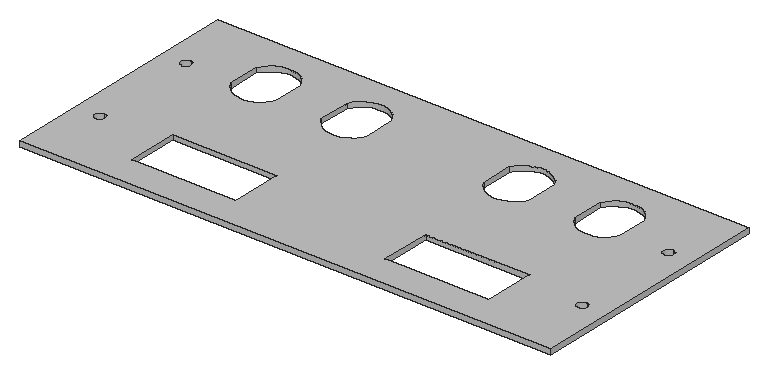
Revit family "Specialty_Equipment-Metal_Raceway-Hubbell_Wiring-4_Gang_Two_Duplex_Two_Ortronics_Series_II-HBL47472BBSS", category Specialty Equipment, host Face, Revit 2015
Parameters (values of type "HBL47472BBSSGY - Gray")
  URL = "http://www.hubbell-wiring.com/"
  Product data url = "https://bimobject.com/hubbellwiring/product/hubbell-metal-raceway-hbl4750"
  Product Page URL = "http://ecatalog.hubbell-wiring.com/ProductInformation/ViewCatalog.aspx?Dest=hubbell-wiring.com/press/catalog/o.pdf&Page=21"
  Product Documentation Link = "http://www.hubbell-wiring.com/press/pdfs/h5233r08.pdf"
  Model = "HBL47472BBSSGY"
  Manufacturer = "Hubbell-Wiring"  # constant formula
  Host Note = "Add in Plan View; Host to Wall"  # constant formula
  Description = "4-Gang Cover, Two Duplex Openings, Two Ortronics Series II"  # constant formula
  Default Elevation = 0' - 0"
  Cable Tray Material = Metal-Hubbell-Gray Powder Coat
  Assembly Code = "D5090900"
Types (3): name | Model | Cable Tray Material
  (no name) | "HBL47472BBSSIV" | Metal-Hubbell-Ivory Powder Coat
  HBL47472BBSSGY - Gray | "HBL47472BBSSGY" | Metal-Hubbell-Gray Powder Coat
  HBL47472BBSSIV - Ivory | "HBL47472BBSSIV" | Metal-Hubbell-Ivory Powder Coat
Reference planes (in)
  plane 1 "Center (Front/Back)": y = 0
  plane 2: z = 0
  plane 3 "Left": x = 0
  plane 4 "Right": x = 10.21888
  plane 5: y = 2.375
  plane 6: y = -2.375
  plane 7: z = 1.61719
  plane 8: z = 1.70703
  plane 9 "Align Left": x = 0.18016
  plane 10 "Align Right": x = 10.03872
  plane 11: x = 5.11
Forms (in)
  Extrusion 1, solid, material "Metal-Hubbell-Gray Powder Coat" <- "Cable Tray Material"
    sketch origin (0, 0, 0) x (1, 0, 0) y (0, 1, 0)
      loop
        line (10.21888, 2.375) -> (0, 2.375) -> (0, -2.375) -> (10.21888, -2.375) -> (10.21888, 2.375)
      loop
        circle (0.46594, 1.03647) r 0.1
      loop
        circle (0.46594, -1.03953) r 0.1
      loop
        circle (9.75403, -1.03953) r 0.1
      loop
        circle (9.75403, 1.03953) r 0.1
      loop
        line (1.35761, 1.59112) -> (1.35761, 0.985)
        arc (1.35761, 0.985) -> (1.79602, 0.70233) -> (2.23443, 0.985) r 0.48132
        line (2.23443, 0.985) -> (2.23443, 1.59112)
        arc (2.23443, 1.59112) -> (1.79602, 1.87378) -> (1.35761, 1.59112) r 0.48132
      loop
        line (3.10761, 1.59112) -> (3.10761, 0.985)
        arc (3.10761, 0.985) -> (3.54602, 0.70233) -> (3.98443, 0.985) r 0.48132
        line (3.98443, 0.985) -> (3.98443, 1.59112)
        arc (3.98443, 1.59112) -> (3.54602, 1.87378) -> (3.10761, 1.59112) r 0.48132
      loop
        line (1.67011, -1.77584) -> (3.67193, -1.77584) -> (3.67193, -0.80028) -> (1.67011, -0.80028) -> (1.67011, -1.77584)
      loop
        arc (8.86239, 1.59112) -> (8.42398, 1.87378) -> (7.98557, 1.59112) r 0.48132
        line (7.98557, 1.59112) -> (7.98557, 0.985)
        arc (7.98557, 0.985) -> (8.42398, 0.70233) -> (8.86239, 0.985) r 0.48132
        line (8.86239, 0.985) -> (8.86239, 1.59112)
      loop
        arc (7.11239, 1.59112) -> (6.67398, 1.87378) -> (6.23557, 1.59112) r 0.48132
        line (6.23557, 1.59112) -> (6.23557, 0.985)
        arc (6.23557, 0.985) -> (6.67398, 0.70233) -> (7.11239, 0.985) r 0.48132
        line (7.11239, 0.985) -> (7.11239, 1.59112)
      loop
        line (8.54989, -0.80028) -> (6.54807, -0.80028) -> (6.54807, -1.77584) -> (8.54989, -1.77584) -> (8.54989, -0.80028)
    from 1.61719 to 1.70703
Lines and regions (in)
  Masking region 1
    outline origin (0, 0, 0) x (1, 0, 0) y (0, 0, 1)
      loop
        line (0, 1.70703) -> (0, 1.61719) -> (10.21888, 1.61719) -> (10.21888, 1.70703) -> (0, 1.70703)
  model lines, style "GEOM", not visible
    curve 1: circle (48.69025, 2.52981, 0) r 0.1 normal (0, 0, 1)
    curve 2: circle (39.40325, 2.52981, 0) r 0.1 normal (0, 0, 1)
    curve 3: circle (48.69025, 4.60581, 0) r 0.1 normal (0, 0, 1)
    curve 4: circle (39.40325, 4.60581, 0) r 0.1 normal (0, 0, 1)
    curve 5: line (38.93731, 1.18781, 0) -> (49.15619, 1.18781, 0)
    curve 6: line (49.15619, 1.18781, 0) -> (49.15619, 5.94781, 0)
    curve 7: line (49.15619, 5.94781, 0) -> (38.93731, 5.94781, 0)
    curve 8: line (38.93731, 5.94781, 0) -> (38.93731, 1.18781, 0)
Dimensions and locks (in)
  locked: plane 3 "Left" to plane 4 "Right" at 10.21888
  plane 5 to plane 1 "Center (Front/Back)" to plane 6 = 0' - 2 3/8" locked, 0' - 2 3/8" locked
  plane 8 to plane 7 to host face = 0' - 0 23/256" locked, 0' - 1 79/128" locked
  locked: plane 10 "Align Right" to plane 4 "Right" at 0.18016
  locked: plane 3 "Left" to plane 9 "Align Left" at 0.18016
  aligned and locked: host face to plane 2
  aligned and locked: level to host face
  aligned and locked: Extrusion 1 to plane 3 "Left"
  aligned and locked: plane 4 "Right" to Extrusion 1
  aligned and locked: Extrusion 1 to plane 5
  aligned and locked: Extrusion 1 to plane 6
  aligned and locked: Extrusion 1 to plane 7
  aligned and locked: plane 8 to Extrusion 1
  aligned and locked: Masking region 1 sketch curve to plane 4 "Right"
  aligned and locked: plane 8 to Masking region 1
  aligned and locked: Masking region 1 to plane 7
  aligned and locked: Masking region 1 to plane 3 "Left"
